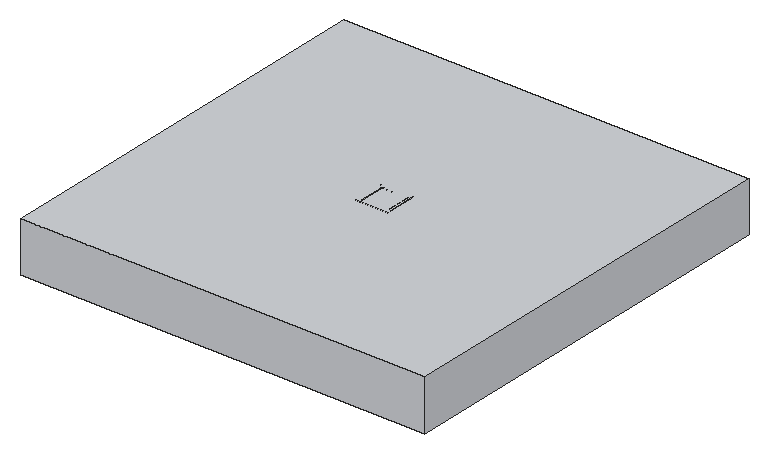
Revit family "M_Chaminé - Resistente a tempestade", category Terminais de ar, Revit 2019
Family settings
  Hospedeiro = Face
  Cota do conector redondo = Utilizar diâmetro
  Tipo de parte = Normal
  Número OmniClass = 23.30.60.11.17
  Título OmniClass = Exterior Louvers and Grilles
  ID de item do Seek = Louver - Storm Resistant-0000-CAN-ENU
  Corte com vazios quando carregada = Não
  Compartilhado = Não
  Ponto de cálculo do ambiente = Não
Parameters (values of type "Padrão")
  Queda de pressão [instance] = 45.0 Pa
  Número [instance] = 4
  Largura da chaminé [instance] = Largura do duto + 38.1 mm  # 188.1 mm
  Material da chaminé = none
  Comprimento da chaminé [instance] = 51 mm
  Altura da chaminé [instance] = Altura do duto + 38.1 mm  # 188.1 mm
  Comprimento 3 [instance] = Comprimento 2 * 0.35  # 13.405 mm
  Comprimento 2 [instance] = Comprimento da chaminé - 12.7 mm  # 38.3 mm
  Comprimento 1 [instance] = (Comprimento da chaminé - 6.35 mm) * 0.35  # 15.627 mm
  Fluxo [instance] = 4.6736 m/s * Altura do duto * Largura do duto  # 105.156 L/s
  Largura do duto [instance] = 150 mm
  Altura do duto [instance] = 150 mm
  Elevação-padrão = 1200 mm
Reference planes
  plane 1 "Centro (Frente/Trás)": y = 0
  plane 2: z = 0
  plane 3 "Centro (Esquerda/Direita)": x = 0
  plane 4: z = -51
  plane 5: z = -3.175
  plane 6: z = -47.825
  plane 7: z = -32.198
  plane 8: x = -75
  plane 9: x = 75
  plane 10: x = -94.05
  plane 11: x = 94.05
  plane 12: y = 75
  plane 13: y = 94.05
  plane 14: y = -75
  plane 15: y = -94.05
  plane 16: y = -55.95
  plane 17: y = 55.95
Forms (mm)
  Extrusion 1, solid, material <- "Material da chaminé"
    sketch origin (0, 0, 0) x (1, 0, 0) y (0, 1, 0)
      loop
        line (-1219.2, 1219.2) -> (-1219.2, -1219.2) -> (1219.2, -1219.2) -> (1219.2, 1219.2) -> (-1219.2, 1219.2)
    from 0 to -304.8
  Extrusion 2, solid, material <- "Material da chaminé"
    sketch origin (0, 0, 0) x (1, 0, 0) y (0, 1, 0)
      loop
        line (-94.05, 94.05) -> (-94.05, -94.05) -> (94.05, -94.05) -> (94.05, 94.05) -> (-94.05, 94.05)
      loop
        line (-75, 75) -> (-75, -75) -> (75, -75) -> (75, 75) -> (-75, 75)
    from -3.175 to 0
  Extrusion 3, solid, material <- "Material da chaminé"
    sketch origin (0, 0, 0) x (1, 0, 0) y (0, 1, 0)
      loop
        line (-94.05, 94.05) -> (-94.05, -94.05) -> (94.05, -94.05) -> (94.05, 94.05) -> (-94.05, 94.05)
      loop
        line (-75, 75) -> (-75, -75) -> (75, -75) -> (75, 75) -> (-75, 75)
    from -51 to -47.825
  Extrusion 4, solid, material <- "Material da chaminé"
    sketch origin (0, 0, 0) x (1, 0, 0) y (0, 1, 0)
      loop
        line (-75, 75) -> (-75, -75) -> (75, -75) -> (75, 75) -> (-75, 75)
      loop
        line (-78.175, 78.175) -> (-78.175, -78.175) -> (78.175, -78.175) -> (78.175, 78.175) -> (-78.175, 78.175)
    from -47.825 to -3.175
Dimensions and locks
  "Comprimento da chaminé": plane 2 to plane 4
  locked: plane 2 to plane 5 at 3.175
  locked: plane 6 to plane 4 at 3.175
  "Comprimento 1": plane 7 to plane 6
  equal spacing: plane 10, plane 3 "Centro (Esquerda/Direita)", plane 11
  "Largura da chaminé": plane 10 to plane 11
  equal spacing: plane 15, plane 1 "Centro (Frente/Trás)", plane 13
  "Altura da chaminé": plane 15 to plane 13
  equal spacing: plane 8, plane 3 "Centro (Esquerda/Direita)", plane 9
  "Largura do duto": plane 8 to plane 9
  equal spacing: plane 14, plane 1 "Centro (Frente/Trás)", plane 12
  "Altura do duto": plane 14 to plane 12
  locked: plane 16 to plane 14 at 19.05
  locked: plane 17 to plane 12 at 19.05
  equal spacing: group 1, group 3, group 4, group 2  (x3)
  aligned and locked: plane 2 to Extrusion 1
  aligned and locked: level to Extrusion 1
  aligned and locked: plane 10 to Extrusion 2 sketch curve
  aligned and locked: Extrusion 2 sketch curve to plane 13
  aligned and locked: plane 15 to Extrusion 2 sketch curve
  aligned and locked: plane 11 to Extrusion 2 sketch curve
  aligned and locked: plane 8 to Extrusion 2 sketch curve
  aligned and locked: Extrusion 2 sketch curve to plane 12
  aligned and locked: plane 14 to Extrusion 2 sketch curve
  aligned and locked: plane 9 to Extrusion 2 sketch curve
  aligned and locked: plane 2 to Extrusion 2
  aligned and locked: Extrusion 2 to plane 5
  aligned and locked: Extrusion 3 sketch curve to Extrusion 2  (x6)
  aligned and locked: Extrusion 2 to Extrusion 3 sketch curve  (x2)
  aligned and locked: plane 6 to Extrusion 3
  aligned and locked: Extrusion 3 to plane 4
  aligned and locked: Extrusion 2 to Extrusion 4 sketch curve
  aligned and locked: Extrusion 4 sketch curve to Extrusion 2  (x3)
  aligned and locked: plane 5 to Extrusion 4
  aligned and locked: Extrusion 4 to plane 6
  aligned and locked: plane 7 to nested 1
  aligned and locked: nested 1 to plane 16
  aligned and locked: plane 8 to nested 1
  aligned and locked: nested 1 to plane 9
  aligned and locked: plane 7 to nested 2
  aligned and locked: plane 17 to nested 2
Automatic sketch dimensions
  Extrusion 3 sketch curve to plane 14 = 0 mm
  Extrusion 4 sketch curve to plane 8 = 3.175 mm
  Extrusion 4 sketch curve to plane 9 = 3.175 mm
  plane 14 to Extrusion 4 sketch curve = 3.175 mm
  plane 12 to Extrusion 4 sketch curve = 3.175 mm
  Extrusion 1 sketch curve to Extrusion 1 sketch curve = 2438.4 mm  (x2)
Nested families
  nested 1: "M_Chaminé resistente a tempestade_Palheta" at (0, -55.95, -32.197), type "Padrão"
    with Largura 150 mm, Comprimento 1 13.405 mm, Comprimento 38.3 mm
  nested 2: "M_Chaminé resistente a tempestade_Palheta" at (0, 55.95, -32.197), type "Padrão"
    with Largura 150 mm, Comprimento 1 13.405 mm, Comprimento 38.3 mm
  nested 3: "M_Chaminé resistente a tempestade_Palheta" at (0, -18.65, -32.197), type "Padrão"
    with Largura 150 mm, Comprimento 1 13.405 mm, Comprimento 38.3 mm
  nested 4: "M_Chaminé resistente a tempestade_Palheta" at (0, 18.65, -32.197), type "Padrão"
    with Largura 150 mm, Comprimento 1 13.405 mm, Comprimento 38.3 mm
Connectors
  hvac at (0, 0, -51), driven by "Fluxo", driven by "Altura do duto", driven by "Queda de pressão", driven by "Largura do duto"
    settings: on Extrusion 3, index 1, duct flow 105.156 L/s, flow factor 0, pres drop 45.0 Pa, loss coef 0, conn angle 0.00°, conn width 150 mm, conn height 150 mm, conn diameter 609.6 mm, duct sys type 2, conn prof type 1, flow config 1, flow direction 2, loss method 4, conn ref index -1, conn util no, is conn primary yes, conn desc ""
Definition of nested family "M_Chaminé resistente a tempestade_Palheta"
  Parameters
    Largura = 152.4 mm
    Material da palheta = none
    Comprimento 1 = 0.35 * Comprimento  # 13.335 mm
    Comprimento = 38.1 mm
    Assembly Code = ""
  Reference planes
    plane 1 "Centro (Frente/Trás)": y = 0
    plane 2: z = 0
    plane 3 "Centro (Esquerda/Direita)": x = 0
    plane 4: z = -13.335
    plane 5: z = 24.765
    plane 6: x = -76.2
    plane 7: x = 76.2
  Forms (mm)
    Sweep 1, solid
      path origin (0, 0, 0) x (1, 0, 0) y (0, 1, 0)
        loop
          line (-76.2, 15.875) -> (76.2, 15.875)
      profile origin (0, 15.875, 0) x (0, 1, 0) y (0, 0, 1)
        loop
          line (-19.05, 24.765) -> (-19.05, 21.18) -> (-4.146, 0.001) -> (-13.281, -12.7) -> (-17.916, -12.7) -> (-16.132, -7.798) -> (-16.804, -7.324) -> (-18.992, -13.335) -> (-12.758, -13.335) -> (-3.175, 0) -> (-18.256, 21.431) -> (-18.256, 23.813) -> (-12.7, 23.813) -> (-12.7, 24.765) -> (-19.05, 24.765)
  Dimensions and locks
    "Comprimento 1": plane 2 to plane 4
    "Comprimento": plane 5 to plane 4
    equal spacing: plane 6, plane 3 "Centro (Esquerda/Direita)", plane 7
    "Largura": plane 6 to plane 7
    equal spacing: Sweep 1 sketch curve, plane 1 "Centro (Frente/Trás)", Sweep 1 sketch curve  (x2)
    locked: Sweep 1 sketch curve to Sweep 1 sketch curve at 6.35
    locked: Sweep 1 sketch curve to Sweep 1 sketch curve at 6.234
    locked: Sweep 1 sketch curve to Sweep 1 sketch curve at 15.875
    aligned and locked: plane 6 to Sweep 1 sketch curve
    aligned and locked: plane 7 to Sweep 1 sketch curve
    aligned and locked: plane 5 to Sweep 1 sketch curve
    aligned and locked: plane 4 to Sweep 1 sketch curve
  Automatic sketch dimensions
    Sweep 1 sketch curve to level = 0 mm
    level to Sweep 1 sketch curve = 0.001 mm
    profile plane to Sweep 1 sketch curve = 4.146 mm
    Sweep 1 sketch curve to Sweep 1 sketch curve = 0.523 mm
    Sweep 1 sketch curve to Sweep 1 sketch curve = 0.672 mm
    Sweep 1 sketch curve to Sweep 1 sketch curve = 1.076 mm
    Sweep 1 sketch curve to Sweep 1 sketch curve = 0.794 mm
    Sweep 1 sketch curve to Sweep 1 sketch curve = 0.474 mm
    Sweep 1 sketch curve to Sweep 1 sketch curve = 4.902 mm
    Sweep 1 sketch curve to Sweep 1 sketch curve = 0.635 mm
    Sweep 1 sketch curve to Sweep 1 sketch curve = 0.251 mm
    Sweep 1 sketch curve to Sweep 1 sketch curve = 2.381 mm
    Sweep 1 sketch curve to Sweep 1 sketch curve = 0.953 mm
    Sweep 1 sketch curve to Sweep 1 sketch curve = 1.112 mm
    Sweep 1 sketch curve to plane 1 "Centro (Frente/Trás)" = 15.875 mm
